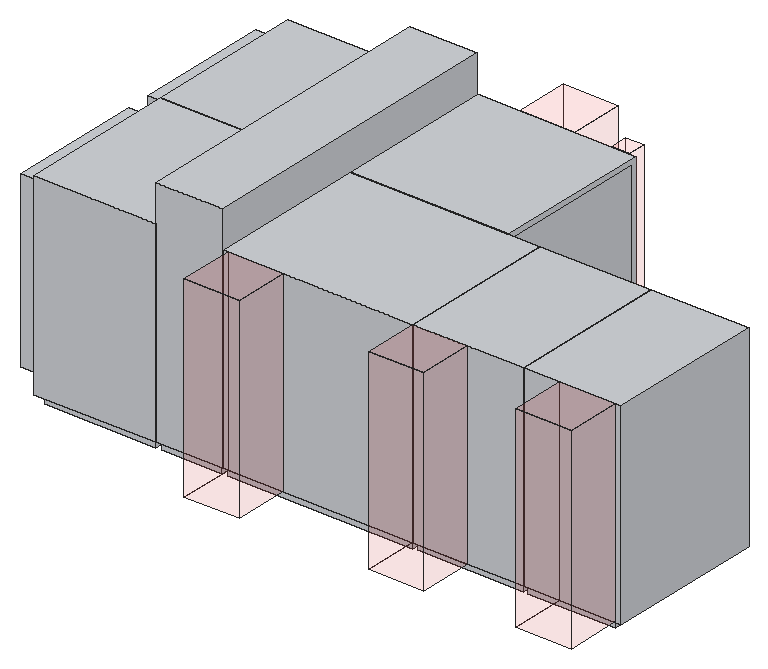
Revit family "Metric WinTADS Template 5", category Mechanical Equipment, Revit 2017
Family settings
  Round Connector Dimension = Use Diameter
  Part Type = Normal
  OmniClass Number = 23.75.00.00
  OmniClass Title = Climate Control (HVAC)
  Work Plane-Based = No
  Always vertical = Yes
  Cut with Voids When Loaded = No
  Shared = No
  Room Calculation Point = No
Parameters
  Mass = 1892.08 kg
Reference planes
  plane 1 "Center (Front/Back)": y = 0
  plane 2: z = 0
  plane 3 "Center (Left/Right)": x = 0
Forms (mm)
  Extrusion 1, solid
    sketch origin (0, 0, 0) x (1, 0, 0) y (0, 1, 0)
      loop
        line (-200, 2656) -> (-200, 1478) -> (0, 1478) -> (0, 2656) -> (-200, 2656)
    from 100 to 1598
  Extrusion 2, solid
    sketch origin (0, 0, 0) x (1, 0, 0) y (0, 1, 0)
      loop
        line (3013.543, 2707) -> (3013.543, 1427) -> (3014.457, 1427) -> (3014.457, 2707) -> (3013.543, 2707)
    from 49 to 1649
  Extrusion 3, solid
    sketch origin (0, 0, 0) x (1, 0, 0) y (0, 1, 0)
      loop
        line (130, 1537) -> (130, 1427) -> (508, 1427) -> (508, 1537) -> (130, 1537)
    from 128 to 1570
  Extrusion 4, solid
    sketch origin (0, 0, 0) x (1, 0, 0) y (0, 1, 0)
      loop
        line (0, 2756) -> (0, 1378) -> (1058, 1378) -> (1058, 2756) -> (0, 2756)
    from 0 to 1698
  Extrusion 5, solid
    sketch origin (0, 0, 0) x (1, 0, 0) y (0, 1, 0)
      loop
        line (0, 1378) -> (0, 0) -> (1058, 0) -> (1058, 1378) -> (0, 1378)
    from 0 to 1698
  Extrusion 6, solid
    sketch origin (0, 0, 0) x (1, 0, 0) y (0, 1, 0)
      loop
        line (1058, 2756) -> (1058, 0) -> (1636, 0) -> (1636, 2756) -> (1058, 2756)
    from 0 to 2018
  Extrusion 7, solid
    sketch origin (0, 0, 0) x (1, 0, 0) y (0, 1, 0)
      loop
        line (1636, 2756) -> (1636, 1378) -> (3014, 1378) -> (3014, 2756) -> (1636, 2756)
    from 0 to 1698
  Extrusion 8, solid
    sketch origin (0, 0, 0) x (1, 0, 0) y (0, 1, 0)
      loop
        line (1636, 1378) -> (1636, 0) -> (3285, 0) -> (3285, 1378) -> (1636, 1378)
    from 0 to 1698
  Extrusion 9, solid
    sketch origin (0, 0, 0) x (1, 0, 0) y (0, 1, 0)
      loop
        line (3285, 1378) -> (3285, 0) -> (4245, 0) -> (4245, 1378) -> (3285, 1378)
    from 0 to 1698
  Extrusion 10, solid
    sketch origin (0, 0, 0) x (1, 0, 0) y (0, 1, 0)
      loop
        line (-200, 1278) -> (-200, 100) -> (0, 100) -> (0, 1278) -> (-200, 1278)
    from 100 to 1598
  Extrusion 11, solid
    sketch origin (0, 0, 0) x (1, 0, 0) y (0, 1, 0)
      loop
        line (5044.543, 1329) -> (5044.543, 49) -> (5045.457, 49) -> (5045.457, 1329) -> (5044.543, 1329)
    from 49 to 1649
  Extrusion 12, solid
    sketch origin (0, 0, 0) x (1, 0, 0) y (0, 1, 0)
      loop
        line (4245, 1378) -> (4245, 0) -> (5094, 0) -> (5094, 1378) -> (4245, 1378)
    from 0 to 1698
  Extrusion 13, solid
    sketch origin (0, 0, 0) x (1, 0, 0) y (0, 1, 0)
      loop
        line (20, 1453.5) -> (20, 1404.5) -> (989, 1404.5) -> (989, 1453.5) -> (20, 1453.5)
    from -62 to 0
  Extrusion 14, solid
    sketch origin (0, 0, 0) x (1, 0, 0) y (0, 1, 0)
      loop
        line (20, 2729.5) -> (20, 2680.5) -> (989, 2680.5) -> (989, 2729.5) -> (20, 2729.5)
    from -62 to 0
  Extrusion 15, solid
    sketch origin (0, 0, 0) x (1, 0, 0) y (0, 1, 0)
      loop
        line (20, 2680.5) -> (20, 1453.5) -> (69, 1453.5) -> (69, 2680.5) -> (20, 2680.5)
    from -62 to 0
  Extrusion 16, solid
    sketch origin (0, 0, 0) x (1, 0, 0) y (0, 1, 0)
      loop
        line (940, 2680.5) -> (940, 1453.5) -> (989, 1453.5) -> (989, 2680.5) -> (940, 2680.5)
    from -62 to 0
  Extrusion 17, solid
    sketch origin (0, 0, 0) x (1, 0, 0) y (0, 1, 0)
      loop
        line (69, 75.5) -> (69, 26.5) -> (1038, 26.5) -> (1038, 75.5) -> (69, 75.5)
    from -62 to 0
  Extrusion 18, solid
    sketch origin (0, 0, 0) x (1, 0, 0) y (0, 1, 0)
      loop
        line (69, 1351.5) -> (69, 1302.5) -> (1038, 1302.5) -> (1038, 1351.5) -> (69, 1351.5)
    from -62 to 0
  Extrusion 19, solid
    sketch origin (0, 0, 0) x (1, 0, 0) y (0, 1, 0)
      loop
        line (69, 1302.5) -> (69, 75.5) -> (118, 75.5) -> (118, 1302.5) -> (69, 1302.5)
    from -62 to 0
  Extrusion 20, solid
    sketch origin (0, 0, 0) x (1, 0, 0) y (0, 1, 0)
      loop
        line (989, 1302.5) -> (989, 75.5) -> (1038, 75.5) -> (1038, 1302.5) -> (989, 1302.5)
    from -62 to 0
  Extrusion 21, solid
    sketch origin (0, 0, 0) x (1, 0, 0) y (0, 1, 0)
      loop
        line (1084, 75.5) -> (1084, 26.5) -> (1610, 26.5) -> (1610, 75.5) -> (1084, 75.5)
    from -62 to 0
  Extrusion 22, solid
    sketch origin (0, 0, 0) x (1, 0, 0) y (0, 1, 0)
      loop
        line (1084, 2729.5) -> (1084, 2680.5) -> (1610, 2680.5) -> (1610, 2729.5) -> (1084, 2729.5)
    from -62 to 0
  Extrusion 23, solid
    sketch origin (0, 0, 0) x (1, 0, 0) y (0, 1, 0)
      loop
        line (1084, 2680.5) -> (1084, 75.5) -> (1133, 75.5) -> (1133, 2680.5) -> (1084, 2680.5)
    from -62 to 0
  Extrusion 24, solid, material "Clearance Zones"
    sketch origin (0, 0, 0) x (1, 0, 0) y (0, 1, 0)
      loop
        line (2805, 2916) -> (2805, 2756) -> (2965, 2756) -> (2965, 2916) -> (2805, 2916)
    from 0 to 1698
  Extrusion 25, solid, material "Clearance Zones"
    sketch origin (0, 0, 0) x (1, 0, 0) y (0, 1, 0)
      loop
        line (2005, 3236) -> (2005, 2756) -> (2485, 2756) -> (2485, 3236) -> (2005, 3236)
    from 0 to 1698
  Extrusion 26, solid, material "Clearance Zones"
    sketch origin (0, 0, 0) x (1, 0, 0) y (0, 1, 0)
      loop
        line (1685, 0) -> (1685, -480) -> (2165, -480) -> (2165, 0) -> (1685, 0)
    from 0 to 1698
  Extrusion 27, solid, material "Clearance Zones"
    sketch origin (0, 0, 0) x (1, 0, 0) y (0, 1, 0)
      loop
        line (3285, 0) -> (3285, -480) -> (3765, -480) -> (3765, 0) -> (3285, 0)
    from 0 to 1698
  Extrusion 28, solid, material "Clearance Zones"
    sketch origin (0, 0, 0) x (1, 0, 0) y (0, 1, 0)
      loop
        line (4565, 0) -> (4565, -480) -> (5045, -480) -> (5045, 0) -> (4565, 0)
    from 0 to 1698
  Extrusion 29, solid
    sketch origin (0, 0, 0) x (1, 0, 0) y (0, 1, 0)
      loop
        line (1561, 2680.5) -> (1561, 75.5) -> (1610, 75.5) -> (1610, 2680.5) -> (1561, 2680.5)
    from -62 to 0
  Extrusion 30, solid
    sketch origin (0, 0, 0) x (1, 0, 0) y (0, 1, 0)
      loop
        line (1705, 1453.5) -> (1705, 1404.5) -> (2994, 1404.5) -> (2994, 1453.5) -> (1705, 1453.5)
    from -62 to 0
  Extrusion 31, solid
    sketch origin (0, 0, 0) x (1, 0, 0) y (0, 1, 0)
      loop
        line (1705, 2729.5) -> (1705, 2680.5) -> (2994, 2680.5) -> (2994, 2729.5) -> (1705, 2729.5)
    from -62 to 0
  Extrusion 32, solid
    sketch origin (0, 0, 0) x (1, 0, 0) y (0, 1, 0)
      loop
        line (1705, 2680.5) -> (1705, 1453.5) -> (1754, 1453.5) -> (1754, 2680.5) -> (1705, 2680.5)
    from -62 to 0
  Extrusion 33, solid
    sketch origin (0, 0, 0) x (1, 0, 0) y (0, 1, 0)
      loop
        line (2945, 2680.5) -> (2945, 1453.5) -> (2994, 1453.5) -> (2994, 2680.5) -> (2945, 2680.5)
    from -62 to 0
  Extrusion 34, solid
    sketch origin (0, 0, 0) x (1, 0, 0) y (0, 1, 0)
      loop
        line (1656, 75.5) -> (1656, 26.5) -> (3265, 26.5) -> (3265, 75.5) -> (1656, 75.5)
    from -62 to 0
  Extrusion 35, solid
    sketch origin (0, 0, 0) x (1, 0, 0) y (0, 1, 0)
      loop
        line (1656, 1351.5) -> (1656, 1302.5) -> (3265, 1302.5) -> (3265, 1351.5) -> (1656, 1351.5)
    from -62 to 0
  Extrusion 36, solid
    sketch origin (0, 0, 0) x (1, 0, 0) y (0, 1, 0)
      loop
        line (1656, 1302.5) -> (1656, 75.5) -> (1705, 75.5) -> (1705, 1302.5) -> (1656, 1302.5)
    from -62 to 0
  Extrusion 37, solid
    sketch origin (0, 0, 0) x (1, 0, 0) y (0, 1, 0)
      loop
        line (3216, 1302.5) -> (3216, 75.5) -> (3265, 75.5) -> (3265, 1302.5) -> (3216, 1302.5)
    from -62 to 0
  Extrusion 38, solid
    sketch origin (0, 0, 0) x (1, 0, 0) y (0, 1, 0)
      loop
        line (3305, 75.5) -> (3305, 26.5) -> (4225, 26.5) -> (4225, 75.5) -> (3305, 75.5)
    from -62 to 0
  Extrusion 39, solid
    sketch origin (0, 0, 0) x (1, 0, 0) y (0, 1, 0)
      loop
        line (3305, 1351.5) -> (3305, 1302.5) -> (4225, 1302.5) -> (4225, 1351.5) -> (3305, 1351.5)
    from -62 to 0
  Extrusion 40, solid
    sketch origin (0, 0, 0) x (1, 0, 0) y (0, 1, 0)
      loop
        line (3305, 1302.5) -> (3305, 75.5) -> (3354, 75.5) -> (3354, 1302.5) -> (3305, 1302.5)
    from -62 to 0
  Extrusion 41, solid
    sketch origin (0, 0, 0) x (1, 0, 0) y (0, 1, 0)
      loop
        line (4176, 1302.5) -> (4176, 75.5) -> (4225, 75.5) -> (4225, 1302.5) -> (4176, 1302.5)
    from -62 to 0
  Extrusion 42, solid
    sketch origin (0, 0, 0) x (1, 0, 0) y (0, 1, 0)
      loop
        line (4265, 75.5) -> (4265, 26.5) -> (5025, 26.5) -> (5025, 75.5) -> (4265, 75.5)
    from -62 to 0
  Extrusion 43, solid
    sketch origin (0, 0, 0) x (1, 0, 0) y (0, 1, 0)
      loop
        line (4265, 1351.5) -> (4265, 1302.5) -> (5025, 1302.5) -> (5025, 1351.5) -> (4265, 1351.5)
    from -62 to 0
  Extrusion 44, solid
    sketch origin (0, 0, 0) x (1, 0, 0) y (0, 1, 0)
      loop
        line (4265, 1302.5) -> (4265, 75.5) -> (4314, 75.5) -> (4314, 1302.5) -> (4265, 1302.5)
    from -62 to 0
  Extrusion 45, solid
    sketch origin (0, 0, 0) x (1, 0, 0) y (0, 1, 0)
      loop
        line (4976, 1302.5) -> (4976, 75.5) -> (5025, 75.5) -> (5025, 1302.5) -> (4976, 1302.5)
    from -62 to 0
Dimensions and locks
  aligned and locked: level to plane 2
Connectors
  hvac at (319, 1537, 849)
    settings: on Extrusion 3, index 27, duct flow 2777.78 L/s, flow factor 0, pres drop 16.4487 Pa, loss coef 0, conn angle 0.00°, conn width 378 mm, conn height 1442 mm, conn diameter 609.6 mm, duct sys type 1, conn prof type 1, flow config 0, flow direction 1, loss method 4, conn ref index -1, conn util no, is conn primary no, conn desc ""
  hvac at (3014.457, 2067, 849)
    settings: on Extrusion 2, index 31, duct flow 2777.78 L/s, flow factor 0, pres drop 2.0 Pa, loss coef 0, conn angle 0.00°, conn width 1280 mm, conn height 1600 mm, conn diameter 609.6 mm, duct sys type 3, conn prof type 1, flow config 0, flow direction 1, loss method 4, conn ref index -1, conn util no, is conn primary no, conn desc ""
  hvac at (-200, 2067, 849)
    settings: on Extrusion 1, index 35, duct flow 2777.78 L/s, flow factor 0, pres drop 1.68395 Pa, loss coef 0, conn angle 0.00°, conn width 1178 mm, conn height 1498 mm, conn diameter 609.6 mm, duct sys type 3, conn prof type 1, flow config 0, flow direction 2, loss method 4, conn ref index -1, conn util no, is conn primary no, conn desc ""
  hvac at (-200, 689, 849)
    settings: on Extrusion 10, index 88, duct flow 2777.78 L/s, flow factor 0, pres drop 1.68395 Pa, loss coef 0, conn angle 0.00°, conn width 1178 mm, conn height 1498 mm, conn diameter 609.6 mm, duct sys type 1, conn prof type 1, flow config 0, flow direction 1, loss method 4, conn ref index -1, conn util no, is conn primary no, conn desc ""
  hvac at (5045.457, 689, 849)
    settings: on Extrusion 11, index 96, duct flow 2777.78 L/s, flow factor 0, pres drop 2.0 Pa, loss coef 0, conn angle 0.00°, conn width 1280 mm, conn height 1600 mm, conn diameter 609.6 mm, duct sys type 1, conn prof type 1, flow config 0, flow direction 2, loss method 4, conn ref index -1, conn util no, is conn primary no, conn desc ""
